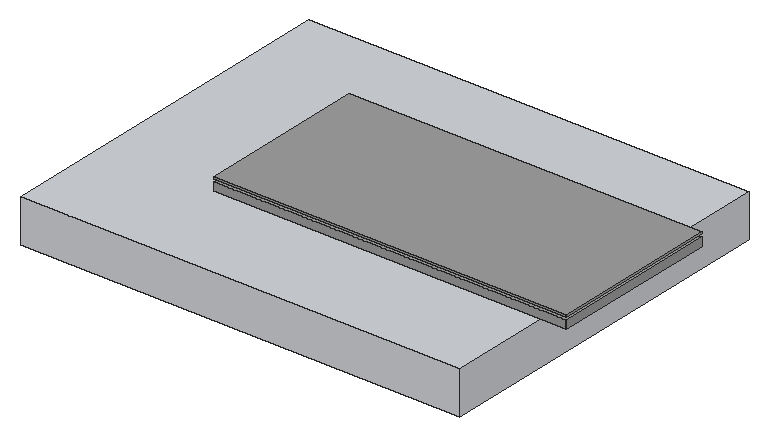
Revit family "Rockpanel-Stones_Cladding", category Generic Models, host Face, Revit 2017
Family settings
  Host = Face
  Can host rebar = No
  Round Connector Dimension = Use Diameter
  Part Type = Normal
  Cut with Voids When Loaded = No
  Shared = No
  Room Calculation Point = No
Parameters (values of type "RockPanel Stones - PremiumA2 - 11mm")
  Youtube clip = ""
  Width [instance] = 2500 mm
  Weight Net (Kg) = "8"
  Weight = "8.4 kg/m2"
  Water vapour permeability (23 °C and 85% RH (Sd)) = "< 3.5 m"
  Warning [instance] = if(if(Width > Maximum Width, 100, 0) + if(Width > Maximum Height, 10, 0) + if(Height > Maximum Height, 10, 0) + if(Height > Maximum Width, 100, 0) > 15, 1 < 2, 2 < 1)  # no
  Uniformat II Description = ""
  Uniformat II Code = ""
  Uniclass 2015 Name = ""
  Uniclass 2015 Code = ""
  Uniclass 2.0 Description = ""
  Uniclass 2.0 Code = ""
  Uniclass 1.4 Description = ""
  Uniclass 1.4 Code = ""
  URL = ""
  UNSPSC Code = "30131702"
  UNSPC Code = ""
  UNSPC Category = ""
  Thinkness tolerance (mm) = "± 0.5"
  Thermal conductivity = "0.37 W/m.K"
  Technical description = ""
  Table Thickness [instance] = if(Depth > 0 mm, Depth, 0 mm)  # 11 mm
  Region South America = "None"
  Region Oceania = "None"
  Region North America = "None"
  Region Middle East = "None"
  Region Europe = "AD, AL, AT, AX, BA, BE, BG, BY, CH, CY, CZ, DE, DK, EE, ES, FI, FO, FR, GB, GG, GI, GR, HR, HU, IE, IM, IS, IT, JE, LI, LT, LU, LV, MC, MD, ME, MK, MT, NL, NO, PL, PT, RO, RS, RU, SE, SI, SJ, SK, SM, UA, VA"
  Region Asia = "None"
  Region Antarctica = "None"
  Region Africa = "None"
  ReCaDeTR [instance] = if(or(TRY < Depth, TRX < Depth + 2 mm), 0.8 mm, Depth)  # 0.8 mm
  ReCaDeTL [instance] = if(or(TLY < Depth, TLX < Depth + 2 mm), 0.8 mm, Depth)  # 0.8 mm
  ReCaDeBR [instance] = if(or(BRY < Depth, BRX < Depth + 2 mm), 0.8 mm, Depth)  # 0.8 mm
  ReCaDeBL [instance] = if(or(BLY < Depth, BLX < Depth + 2 mm), 0.8 mm, Depth)  # 0.8 mm
  QR code = "http://bimobject.com/rockpanel/product/RP_Stones"
  Product url = "http://www.rockpanel.co.uk/products/rockpanel+woods"
  Product data url = "https://bimobject.com/rockpanel/product/RP_Stones"
  Product certification = "http://www.rockpanel.co.uk/documentation/certificates"
  Product SKU = "RP_Stones"
  Product Guid = "c3fcef3e-23dc-4bda-b972-ec09c9c0e881"
  Panel [instance] = if(Index = 0, 1 = 0, 1 = 1)  # no
  OmniClass Description = ""
  OmniClass Code = ""
  Nominal width = 3050 mm
  Nominal height = 1200 mm
  NBS Reference Description = ""
  NBS Reference Code = ""
  Maximum Size 2 [instance] = if(Maximum Width < Maximum Height, Maximum Width, Maximum Height)  # 1200 mm
  Maximum Size 1 [instance] = if(Maximum Width < Maximum Height, Maximum Height, Maximum Width)  # 3050 mm
  Material secondary = "Mineral"
  Material main = "Mineral"
  Masterformat 2014 Description = ""
  Masterformat 2014 Code = ""
  Manufacturer name = "ROCKPANEL"
  Manufacturer country = "Netherlands"
  Length/width tolerance (mm) = "± 2"
  Installation instructions = "http://www.rockpanel.co.uk/files/Library/UK/General/Rockpanel_Instruction_Guide.pdf"
  Index = 0
  Gloss grade [instance] = Semi-gloss
  Gloss [instance] = if(Index = 0, 1 = 1, 1 = 0)  # yes
  Edition number = "1"
  EAN code = ""
  Density = "1050 kg/m3"
  Date of publishing = ""
  Coefficient of thermal expansion (α) = "11x10 –3 mm/m.K"
  Coefficient of moisture expansion (23 °C/50% RH to 95% RH) = "0.302 mm/m"
  Cladding Area [instance] = Width * Height - (if(TRY * TRX > 0.04 m², TRY * TRX, 0.00 m²)) - (if(TLY * TLX > 0.04 m², TLY * TLX, 0.00 m²)) - (if(BLY * BLX > 0.04 m², BLY * BLX, 0.00 m²)) - (if(BRY * BRX > 0.04 m², BRY * BRX, 0.00 m²))  # 3.00 m²
  Cavity Turn In Top Right [instance] = no
  Cavity Turn In Top Left [instance] = no
  Top Right  Y [instance] = 0 mm
  Top Right  X [instance] = 0 mm
  Top Left Y [instance] = 0 mm
  Top Left X [instance] = 0 mm
  TRY [instance] = if(Top Right  Y > 2 mm, if(Top Right  Y < Height - Bottom Right Y - 1 mm, Top Right  Y, Height - Bottom Right Y - 1 mm), 2 mm)  # 2 mm
  TRX [instance] = if(Top Right  X > 2 mm, if(Top Right  X < Width - Top Left X - 1 mm, Top Right  X, Width - Top Left X - 2 mm), 2 mm)  # 2 mm
  TLY [instance] = if(Top Left Y > 2 mm, if(Top Left Y < Height - Bottom Left Y - 1 mm, Top Left Y, Height - Bottom Left Y - 1 mm), 2 mm)  # 2 mm
  TLX [instance] = if(Top Left X > 2 mm, if(Top Left X < Width - Top Right  X - 1 mm, Top Left X, Width - Top Right  X - 2 mm), 2 mm)  # 2 mm
  Real Insul Thk [instance] = if(Insulation Thickness < Distance from Wall Surface, Insulation Thickness, Distance from Wall Surface)  # 60 mm
  Real Distance [instance] = if(Distance from Wall Surface > 1 mm, Distance from Wall Surface, 1 mm)  # 80 mm
  Product group = "sheets"
  Product family = "Cladding"
  Panel Material [instance] = Basalt Iron
  Model = "RockPanel Cladding"
  Maximum Width = 3050 mm
  Maximum Height = 1200 mm
  Manufacturer = "RockPanel GmbH"
  Manufacture country = "Germany"
  Insulation Thickness [instance] = 60 mm
  Insulation Material [instance] = Fiberglass Batt
  Insulation [instance] = yes
  IFC Classification = "Covering"
  Height [instance] = 1200 mm
  Distance from Wall Surface [instance] = 80 mm
  Design country = "Netherlands"
  Depth = 11 mm
  Default Elevation = 0 mm
  Cavity Turn In Depth TR [instance] = 0 mm
  Cavity Turn In Depth TL [instance] = 0 mm
  Cavity Turn In Depth BR [instance] = 0 mm
  Cavity Turn In Depth BL [instance] = 0 mm
  Cavity Turn In Bottom Right [instance] = no
  Cavity Turn In Bottom Left [instance] = no
  Cladding Area - Cavity [instance] = if(Cavity Turn In Bottom Right, (BRX + BRY) * (Depth + Distance from Wall Surface + Cavity Turn In Depth BR), 0.00 m²) + if(Cavity Turn In Bottom Left, (BLX + BLY) * (Depth + Distance from Wall Surface + Cavity Turn In Depth BL), 0.00 m²) + if(Cavity Turn In Top Right, (TRX + TRY) * (Depth + Distance from Wall Surface + Cavity Turn In Depth TR), 0.00 m²) + if(Cavity Turn In Top Left, (TLX + TLY) * (Depth + Distance from Wall Surface + Cavity Turn In Depth TL), 0.00 m²)  # 0.00 m²
  COBIe Type Category = ""
  Brand url = "http://www.rockpanel.com"
  Bottom Right Y [instance] = 0 mm
  Bottom Right X [instance] = 0 mm
  Bottom Left Y [instance] = 0 mm
  Bottom Left X [instance] = 0 mm
  BRY [instance] = if(Bottom Right Y > 2 mm, if(Bottom Right Y < Height - Top Right  Y - 1 mm, Bottom Right Y, Height - Top Right  Y - 1 mm), 2 mm)  # 2 mm
  BRX [instance] = if(Bottom Right X > 2 mm, if(Bottom Right X < Width - Bottom Left X - 1 mm, Bottom Right X, Width - Bottom Left X - 2 mm), 2 mm)  # 2 mm
  BLY [instance] = if(Bottom Left Y > 2 mm, if(Bottom Left Y < Height - Top Left Y - 1 mm, Bottom Left Y, Height - Top Left Y - 1 mm), 2 mm)  # 2 mm
  BLX [instance] = if(Bottom Left X > 2 mm, if(Bottom Left X < Width - Bottom Right X - 1 mm, Bottom Left X, Width - Bottom Right X - 2 mm), 2 mm)  # 2 mm
  BIMobject category = "Cladding"
  BIM objet QR code URL = ""
  BIM object Category = ""
Types (4, lengths in mm): name | Weight | Water vapour permeability (23 °C and 85% RH (Sd)) | Thermal conductivity | Table Thickness | Panel | Index | Gloss grade | Gloss | Density | Coefficient of thermal expansion (α) | Coefficient of moisture expansion (23 °C/50% RH to 95% RH) | Depth
  RockPanel Stones - Durable - 8mm | "8.4 kg/m2" | "< 3.5 m" | "0.37 W/m.K" | 8 | yes | 1 | none | no | "1050 kg/m3" | "11x10 –3 mm/m.K" | "0.302 mm/m" | 8
  RockPanel Stones - A2 - 9mm | "11.25 kg/m2" | "n.a." | "0.55 W/m.K" | 9 | yes | 1 | none | no | "1250 kg/m3" | "9.7x10 –3 mm/m.K" | "0.206 mm/m" | 9
  RockPanel Stones - Xtreme  - 8mm | "9.6 kg/m2" | "< 3.5 m" | "0.43 W/m.K" | 8 | yes | 1 | none | no | "1200 kg/m3" | "13x10 –3 mm/m.K" | "0.324 mm/m" | 8
  RockPanel Stones - PremiumA2 - 11mm | "8.4 kg/m2" | "< 3.5 m" | "0.37 W/m.K" | 11 | no | 0 | Semi-gloss | yes | "1050 kg/m3" | "11x10 –3 mm/m.K" | "0.302 mm/m" | 11
Reference planes
  plane 1 "Center (Front/Back)": y = 0
  plane 2: z = 0
  plane 3 "Center (Left/Right)": x = 0
  plane 4: x = 2500
  plane 5: y = 1200
  plane 6: z = 91
  plane 7 "Base": z = 80
  plane 8: x = 2498
  plane 9: y = 1198
  plane 10: y = 2
  plane 11: y = 1198
  plane 12: x = 2
  plane 13: y = 2
  plane 14: z = 60
  plane 15: x = 2
  plane 16: x = 2498
  plane 17: z = 0
  plane 18: x = 1.2
  plane 19: y = 1.2
  plane 20: x = 1.2
  plane 21: y = 1198.8
  plane 22: z = 0
  plane 23: y = 1198.8
  plane 24: x = 2498.8
  plane 25: z = 0
  plane 26: y = 1.2
  plane 27: x = 2498.8
  plane 28: z = 0
Forms (mm)
  Extrusion 1, solid
    sketch origin (0, 0, 0) x (1, 0, 0) y (0, 1, 0)
      loop
        line (-800, 1840) -> (-800, -717.694) -> (2319.299, -717.694) -> (2319.299, 1840) -> (-800, 1840)
    from 0 to -304.8
  Extrusion 2, solid, material "Basalt Iron" <- "Panel Material", visible <- "Panel"
    sketch origin (0, 0, 0) x (1, 0, 0) y (0, 1, 0)
      loop
        line (2, 0) -> (2498, 0) -> (2498, 2) -> (2500, 2) -> (2500, 1198) -> (2498, 1198) -> (2498, 1200) -> (2, 1200) -> (2, 1198) -> (0, 1198) -> (0, 2) -> (2, 2) -> (2, 0)
    from 80 to 91
  Extrusion 3, solid, material "Fiberglass Batt" <- "Insulation Material", visible <- "Insulation"
    sketch origin (0, 0, 50) x (1, 0, 0) y (0, 1, 0)
      loop
        line (2, 0) -> (2498, 0) -> (2498, 2) -> (2500, 2) -> (2500, 1198) -> (2498, 1198) -> (2498, 1200) -> (2, 1200) -> (2, 1198) -> (0, 1198) -> (0, 2) -> (2, 2) -> (2, 0)
    from -50 to 10
  Extrusion 4, solid, material "Basalt Iron" <- "Panel Material", visible <- "Cavity Turn In Bottom Left"
    sketch origin (0, 0, 0) x (1, 0, 0) y (0, 1, 0)
      loop
        line (0, 2) -> (0, 1.2) -> (1.2, 1.2) -> (1.2, 0) -> (2, 0) -> (2, 2) -> (0, 2)
    from 0 to 91
  Extrusion 5, solid, material "Basalt Iron" <- "Panel Material", visible <- "Cavity Turn In Top Left"
    sketch origin (0, 0, 0) x (1, 0, 0) y (0, 1, 0)
      loop
        line (2, 1200) -> (1.2, 1200) -> (1.2, 1198.8) -> (0, 1198.8) -> (0, 1198) -> (2, 1198) -> (2, 1200)
    from 0 to 91
  Extrusion 6, solid, material "Basalt Iron" <- "Panel Material", visible <- "Cavity Turn In Top Right"
    sketch origin (0, 0, 0) x (1, 0, 0) y (0, 1, 0)
      loop
        line (2500, 1198) -> (2500, 1198.8) -> (2498.8, 1198.8) -> (2498.8, 1200) -> (2498, 1200) -> (2498, 1198) -> (2500, 1198)
    from 0 to 91
  Extrusion 7, solid, material "Basalt Iron" <- "Panel Material", visible <- "Cavity Turn In Bottom Right"
    sketch origin (0, 0, 0) x (1, 0, 0) y (0, 1, 0)
      loop
        line (2500, 2) -> (2498, 2) -> (2498, 0) -> (2498.8, 0) -> (2498.8, 1.2) -> (2500, 1.2) -> (2500, 2)
    from 0 to 91
  Extrusion 8, solid, material "Brass, Soft Yellow, Welded", visible <- "Warning"
    sketch origin (-1.548, 15.621, 0) x (1, 0, 0) y (0, 1, 0)
      loop
        line (53.548, 36.379) -> (153.548, 36.379) -> (153.548, 136.379) -> (53.548, 136.379) -> (53.548, 36.379)
      loop
        line (58.548, 41.379) -> (148.548, 41.379) -> (148.548, 131.379) -> (58.548, 131.379) -> (58.548, 41.379)
    from 91 to 101.446
  Extrusion 9, solid, material "Semi-gloss" <- "Gloss grade", visible <- "Gloss"
    sketch origin (0, 0, 0) x (1, 0, 0) y (0, 1, 0)
      loop
        line (2, 0) -> (2498, 0) -> (2498, 2) -> (2500, 2) -> (2500, 1198) -> (2498, 1198) -> (2498, 1200) -> (2, 1200) -> (2, 1198) -> (0, 1198) -> (0, 2) -> (2, 2) -> (2, 0)
    from 80 to 91
Dimensions and locks
  "Depth": plane 6 to plane 7 "Base"
  "Real Distance": plane 7 "Base" to plane 2
  "Width": plane 3 "Center (Left/Right)" to plane 4
  "Height": plane 5 to plane 1 "Center (Front/Back)"
  "Real Insul Thk": Extrusion 1 to plane 14
  "TLY": plane 5 to plane 11
  "BLY": plane 13 to plane 1 "Center (Front/Back)"
  "BRY": plane 1 "Center (Front/Back)" to plane 10
  "TRX": plane 8 to plane 4
  "TRY": plane 9 to plane 5
  "BRX": plane 16 to plane 4
  "BLX": plane 3 "Center (Left/Right)" to plane 15
  "TLX": plane 3 "Center (Left/Right)" to plane 12
  "Cavity Turn In Depth BL": Extrusion 1 to plane 17
  "ReCaDeBL": plane 13 to plane 19
  "ReCaDeBL": plane 18 to plane 15
  "ReCaDeTL": plane 20 to plane 12
  "ReCaDeTL": plane 11 to plane 21
  "Cavity Turn In Depth TL": plane 2 to plane 22
  "ReCaDeTR": plane 8 to plane 24
  "ReCaDeTR": plane 9 to plane 23
  "Cavity Turn In Depth TR": plane 25 to level
  "ReCaDeBR": plane 26 to plane 10
  "ReCaDeBR": plane 16 to plane 27
  "Cavity Turn In Depth BR": plane 28 to plane 22
  locked: Extrusion 8 to Extrusion 8 at 5  (x4)
  locked: plane 15 to Extrusion 8 at 50
  locked: Extrusion 8 to plane 13 at 50
  locked: Extrusion 2 to Extrusion 8 at 10.446
  aligned and locked: Extrusion 1 to plane 2
  aligned and locked: Extrusion 1 to level
  aligned and locked: Extrusion 2 to plane 7 "Base"
  aligned and locked: plane 6 to Extrusion 2
  aligned and locked: Extrusion 2 to plane 12
  aligned and locked: plane 15 to Extrusion 2
  aligned and locked: Extrusion 2 to plane 13
  aligned and locked: Extrusion 2 to plane 16
  aligned and locked: plane 11 to Extrusion 2
  aligned and locked: Extrusion 3 to level
  aligned and locked: Extrusion 3 to plane 14
  aligned and locked: Extrusion 3 to plane 13
  aligned and locked: Extrusion 3 to Extrusion 2  (x3)
  aligned and locked: plane 10 to Extrusion 3
  aligned and locked: Extrusion 3 to plane 9
  aligned and locked: plane 8 to Extrusion 3
  aligned and locked: Extrusion 3 to plane 12
  aligned and locked: plane 11 to Extrusion 3
  aligned and locked: plane 6 to Extrusion 4
  aligned and locked: Extrusion 4 to plane 17
  aligned and locked: Extrusion 4 to plane 18
  aligned and locked: Extrusion 4 to plane 19
  aligned and locked: plane 1 "Center (Front/Back)" to Extrusion 4
  aligned and locked: Extrusion 4 to plane 3 "Center (Left/Right)"
  aligned and locked: Extrusion 4 to Extrusion 2
  aligned and locked: plane 12 to Extrusion 5
  aligned and locked: Extrusion 5 to plane 11
  aligned and locked: Extrusion 5 to plane 21
  aligned and locked: Extrusion 5 to plane 20
  aligned and locked: plane 5 to Extrusion 5
  aligned and locked: Extrusion 5 to plane 3 "Center (Left/Right)"
  aligned and locked: plane 6 to Extrusion 5
  aligned and locked: Extrusion 5 to plane 22
  aligned and locked: plane 4 to Extrusion 6
  aligned and locked: Extrusion 6 to Extrusion 2  (x2)
  aligned and locked: plane 6 to Extrusion 6
  aligned and locked: Extrusion 6 to plane 25
  aligned and locked: Extrusion 7 to plane 10
  aligned and locked: Extrusion 7 to Extrusion 2  (x3)
  aligned and locked: plane 1 "Center (Front/Back)" to Extrusion 7
  aligned and locked: plane 4 to Extrusion 7
  aligned and locked: plane 9 to Extrusion 6
  aligned and locked: Extrusion 6 to plane 8
  aligned and locked: plane 26 to Extrusion 7
  aligned and locked: plane 27 to Extrusion 7
  aligned and locked: Extrusion 2 to Extrusion 7
  aligned and locked: plane 16 to Extrusion 7
  aligned and locked: Extrusion 7 to plane 28
  aligned and locked: plane 6 to Extrusion 7
  aligned and locked: plane 24 to Extrusion 6
  aligned and locked: Extrusion 6 to plane 23
  aligned and locked: Extrusion 8 to plane 6
Automatic sketch dimensions
  Extrusion 1 sketch curve to Extrusion 1 sketch curve = 3119.299 mm
  Extrusion 1 sketch curve to Extrusion 1 sketch curve = 2557.694 mm
  Extrusion 2 sketch curve to plane 3 "Center (Left/Right)" = 0 mm
  Extrusion 2 sketch curve to plane 10 = 0 mm
  Extrusion 2 sketch curve to plane 12 = 0 mm  (x2)
  Extrusion 2 sketch curve to plane 9 = 0 mm
  plane 5 to Extrusion 2 sketch curve = 0 mm
  Extrusion 2 sketch curve to plane 8 = 0 mm  (x2)
  plane 1 "Center (Front/Back)" to Extrusion 2 sketch curve = 0 mm
  Extrusion 2 sketch curve to plane 4 = 0 mm
  plane 10 to Extrusion 2 sketch curve = 0 mm
  plane 9 to Extrusion 2 sketch curve = 0 mm
  Extrusion 3 sketch curve to plane 3 "Center (Left/Right)" = 0 mm
  Extrusion 3 sketch curve to plane 10 = 0 mm
  Extrusion 3 sketch curve to plane 12 = 0 mm  (x2)
  Extrusion 3 sketch curve to plane 9 = 0 mm
  plane 5 to Extrusion 3 sketch curve = 0 mm
  Extrusion 3 sketch curve to plane 8 = 0 mm  (x2)
  plane 1 "Center (Front/Back)" to Extrusion 3 sketch curve = 0 mm
  Extrusion 3 sketch curve to plane 4 = 0 mm
  plane 10 to Extrusion 3 sketch curve = 0 mm
  plane 9 to Extrusion 3 sketch curve = 0 mm
  Extrusion 4 sketch curve to plane 3 "Center (Left/Right)" = 0 mm
  plane 1 "Center (Front/Back)" to Extrusion 4 sketch curve = 0 mm
  Extrusion 4 sketch curve to plane 18 = 0 mm
  Extrusion 4 sketch curve to plane 10 = 0 mm
  Extrusion 4 sketch curve to plane 12 = 0 mm
  Extrusion 4 sketch curve to plane 19 = 0 mm
  Extrusion 5 sketch curve to plane 3 "Center (Left/Right)" = 0 mm
  Extrusion 5 sketch curve to plane 5 = 0 mm
  Extrusion 5 sketch curve to plane 18 = 0 mm
  Extrusion 5 sketch curve to plane 12 = 0 mm
  Extrusion 5 sketch curve to plane 9 = 0 mm
  plane 21 to Extrusion 5 sketch curve = 0 mm
  Extrusion 6 sketch curve to plane 8 = 0 mm
  plane 5 to Extrusion 6 sketch curve = 0 mm
  Extrusion 6 sketch curve to plane 24 = 0 mm
  Extrusion 6 sketch curve to plane 4 = 0 mm
  plane 9 to Extrusion 6 sketch curve = 0 mm
  plane 21 to Extrusion 6 sketch curve = 0 mm
  Extrusion 7 sketch curve to plane 8 = 0 mm
  plane 1 "Center (Front/Back)" to Extrusion 7 sketch curve = 0 mm
  Extrusion 7 sketch curve to plane 24 = 0 mm
  Extrusion 7 sketch curve to plane 4 = 0 mm
  plane 19 to Extrusion 7 sketch curve = 0 mm
  plane 10 to Extrusion 7 sketch curve = 0 mm
  plane 12 to Extrusion 8 sketch curve = 50 mm
  Extrusion 8 sketch curve to Extrusion 8 sketch curve = 5 mm  (x4)
  Extrusion 8 sketch curve to Extrusion 8 sketch curve = 90 mm  (x2)
  Extrusion 8 sketch curve to plane 10 = 50 mm
  Extrusion 9 sketch curve to plane 3 "Center (Left/Right)" = 0 mm
  Extrusion 9 sketch curve to plane 10 = 0 mm
  Extrusion 9 sketch curve to plane 12 = 0 mm  (x2)
  Extrusion 9 sketch curve to plane 9 = 0 mm
  plane 5 to Extrusion 9 sketch curve = 0 mm
  Extrusion 9 sketch curve to plane 8 = 0 mm  (x2)
  plane 1 "Center (Front/Back)" to Extrusion 9 sketch curve = 0 mm
  Extrusion 9 sketch curve to plane 4 = 0 mm
  plane 10 to Extrusion 9 sketch curve = 0 mm
  plane 9 to Extrusion 9 sketch curve = 0 mm
